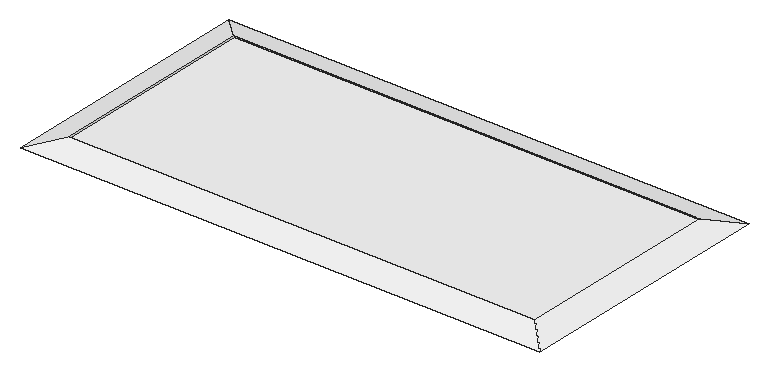
Revit family "KingswayGroup_Mrrrs_Anti-LigatureMirror", category Specialty Equipment, Revit 2020
Family settings
  Round Connector Dimension = Use Diameter
  Part Type = Normal
  Work Plane-Based = No
  Always vertical = Yes
  Cut with Voids When Loaded = No
  Shared = No
  Room Calculation Point = No
Parameters
  WarrantyStartDate [instance] = "1900-12-31T23:59:59"
  WarrantyGuarantorParts = "n/a"
  WarrantyGuarantorLabor = "n/a"
  WarrantyDurationUnit = "year"
  WarrantyDurationParts = "5"
  WarrantyDurationLabor = "n/a"
  WarrantyDescription = "5-Year Guarantee *For faulty manufacture and not for damage"
  Version = "1"
  Uniclass2015Version = "Products v1.36"
  Uniclass2015Title = "Mirrors"
  Uniclass2015Code = "Pr_40_30_53"
  URL = "https://kingswaygroupglobal.com/"
  TagNumber [instance] = "n/a"
  SustainabilityPerformance = "n/a"
  Size = "460 x 915 x 13 mm"
  Shape = "n/a"
  SerialNumber [instance] = "n/a"
  Revision = "n/a"
  ReplacementCost = "n/a"
  ProductInformation = "https://kingswaygroupglobal.com/product/anti-ligature-mirror?noredirect=true"
  NominalWidth = 13 mm  # constant formula
  NominalLength = 460 mm  # constant formula
  NominalHeight = 915 mm  # constant formula
  Name = "Mirrors_Anti-LigatureMirror_KG231_KingswayGroup"
  ModelReference = "Anti-Ligature Mirror"
  ModelNumber = "KG231"
  PlateMaterial = NBS_Concept
  Model = ModelNumber  # "KG231"
  MirrorMaterial = NBS_Concept
  Material = "Aluminium, Glass"
  ManufacturerURL = "https://kingswaygroupglobal.com/"
  ManufacturerName = "Kingsway Group"  # constant formula
  Manufacturer = ManufacturerName  # "Kingsway Group"
  InstallationDate [instance] = "1900-12-31T23:59:59"
  IfcExportType = "n/a"
  IfcExportAs = "n/a"
  Grade = "n/a"
  Finish = "For full range of available finishes and colours, contact Kingsway Group"
  Features = "Shatter-resistant for improved safety, the KG231 Anti-Ligature Mirror is manufactured from high-strength materials to ensure durable performance. It features an impact-resistant and shatter-resistant polycarbonate mirror piece housed within an anti-ligature aluminium frame."
  ExpectedLife = "n/a"
  DurationUnit = "year"
  Description = "Anti-Ligature Mirror"
  Default Elevation = 0 mm
  Constituents = "n/a"
  Color = "For full range of available finishes and colours, contact Kingsway Group"
  CodePerformance = "n/a"
  Category = "Pr_40_30_53:Mirrors"
  BarCode [instance] = "n/a"
  BIMObjectName = "KingswayGroup_Mirrors_Anti-LigatureMirror"
  Author = "Kingsway Group"  # constant formula
  AssetType = "Fixed"
  AssetIdentifier [instance] = "n/a"
  AccessibilityPerformance = "n/a"
Reference planes
  plane 1 "Center (Front/Back)": y = 0
  plane 2: z = 0
  plane 3 "Center (Left/Right)": x = 0
  plane 4: z = 10
  plane 5: z = 12.7
Forms (mm)
  Blend 1, solid, material "NBS_Concept" <- "PlateMaterial"
    base sketch origin (0, 0, 0) x (1, 0, 0) y (0, 1, 0)
      loop
        line (-457.5, 230) -> (-457.5, -230) -> (457.5, -230) -> (457.5, 230) -> (-457.5, 230)
    top sketch origin (0, 0, 0) x (1, 0, 0) y (0, 1, 0)
      loop
        line (409.946, -181.709) -> (409.946, 181.533) -> (-409.946, 181.533) -> (-409.946, -181.709) -> (409.946, -181.709)
    from 0 to 12.7
  Extrusion 2, void
    sketch origin (0, 0, 0) x (1, 0, 0) y (0, 1, 0)
      loop
        line (-409.946, 181.533) -> (-409.946, -181.709) -> (409.946, -181.709) -> (409.946, 181.533) -> (-409.946, 181.533)
    from 8.548 to 12.7
  Extrusion 3, solid, material "NBS_Concept" <- "MirrorMaterial"
    sketch origin (0, 0, 0) x (1, 0, 0) y (0, 1, 0)
      loop
        line (-409.946, 181.533) -> (-409.946, -181.709) -> (409.946, -181.709) -> (409.946, 181.533) -> (-409.946, 181.533)
    from 10 to 11.394
Cuts and joins
  Extrusion 2 cuts Blend 1
Dimensions and locks
  aligned and locked: level to plane 2
